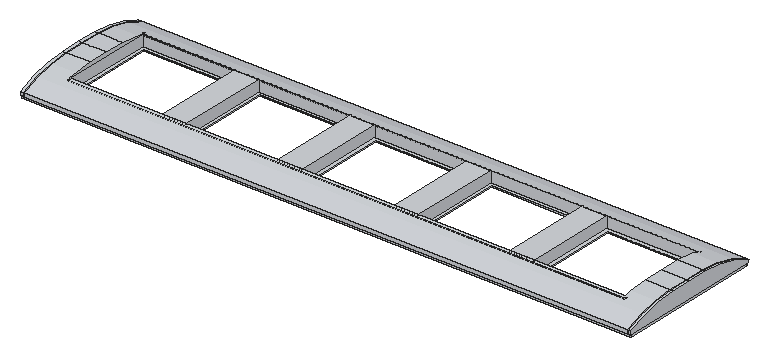
Revit family "Gira_0215327", category Electrical Fixtures, host Face, Revit 2017
Family settings
  Host = Face
  Maintain Annotation Orientation = No
  Round Connector Dimension = Use Diameter
  Part Type = Normal
  Cut with Voids When Loaded = No
  Shared = No
  Room Calculation Point = No
Parameters (values of type "Abdeckrahmen 5f Zwischenr. RW Gira Event Reinweiß m")
  Werkstoffgüte = "Thermoplast"
  Werkstoff = "Kunststoff"
  URL = "http://katalog.gira.de/de_DE/datenblatt.html?artikelnr=0215327"
  Transparent = "No"
  Textfeld/Beschriftungsfläche = "No"
  Schutzart (IP) = "IP20"
  Region = "DE"
  Oberfläche = "sonstige"
  Name = "Abdeckrahmen 5f Zwischenr. RW Gira Event Reinweiß m"
  Montagerichtung = "horizontal und vertikal"
  Mit Montagerahmen = "No"
  Mit Klappdeckel = "No"
  Manufacturer URL = "https://www.gira.de/"
  Keynote = "Event_Rahmen_5fach"
  HeinzeBIM = "https://bimportal.heinze.de/bim/abdeckrahmen-5f-zwischenr-rw-gira-event-reinweiss-m/41451455f394076b76ad6cd37938c35fa1f429b0"
  Halogenfrei = "Yes"
  HAN = "0215327"
  Geeignet für Unterputz-Installation = "Yes"
  Geeignet für Unterflurkanaldose = "No"
  Geeignet für Geräteeinbaukanal = "No"
  Geeignet für Einbauinstallation = "No"
  GTIN = "4010337074205"
  Farbe = "weiß"
  Default Elevation = 1219.2 mm
  Data sheet (1) = "https://katalog.gira.de/de_DE/download.html?artikelnr=0215327"
  Category = "Abdeckrahmen"
  Befestigungsart = "Klemmbefestigung"
  Available = "Yes"
  Ausführung der Oberfläche = "matt"
  Anzahl der Einheiten vertikal = "5 "
  Anzahl der Einheiten horizontal = "5 "
  Anzahl der Einheiten = "5 "
Reference planes
  plane 1 "Center (Front/Back)": y = 0
  plane 2: z = 0
  plane 3 "Center (Left/Right)": x = 0
Forms (mm)
  Extrusion 1, solid, detail levels fine
    sketch origin (0, 0, 0.05) x (0, 1, 0) y (0, 0, 1)
      loop
        arc (12.445, 9.683) -> (6.223, 9.833) -> (0, 9.85) r 291.636
        arc (0, 9.85) -> (-6.223, 9.833) -> (-12.445, 9.683) r 291.636
        arc (-12.445, 9.683) -> (-29.14, 7.482) -> (-45, 1.823) r 79.728
        line (-45, 1.823) -> (-45, -0.05) -> (-42.086, -0.05)
        arc (-42.086, -0.05) -> (-21.385, 5.559) -> (0, 7.206) r 114.424
        arc (0, 7.206) -> (21.385, 5.559) -> (42.086, -0.05) r 114.424
        line (42.086, -0.05) -> (45, -0.05) -> (45, 1.823)
        arc (45, 1.823) -> (29.14, 7.482) -> (12.445, 9.683) r 79.728
    from -185.578 to 185.593
  Extrusion 2, void, detail levels fine
    sketch origin (0, 0, 0) x (1, 0, 0) y (0, 1, 0)
      loop
        line (170.607, 28) -> (-170.593, 28) -> (-170.593, -28) -> (170.607, -28) -> (170.607, 28)
    from 0.724 to 11
  Extrusion 3, solid, detail levels coarse
    sketch origin (0, 0, 0) x (1, 0, 0) y (0, 1, 0)
      loop
        line (-187.578, 45) -> (-187.578, -45) -> (187.593, -45) -> (187.593, 45) -> (-187.578, 45)
    from -1.5 to 9.9
  Extrusion 4, solid, detail levels medium
    sketch origin (0, 0, 0.05) x (0, 1, 0) y (0, 0, 1)
      loop
        arc (12.445, 9.683) -> (6.223, 9.833) -> (0, 9.85) r 291.636
        arc (0, 9.85) -> (-6.223, 9.833) -> (-12.445, 9.683) r 291.636
        arc (-12.445, 9.683) -> (-29.14, 7.482) -> (-45, 1.823) r 79.728
        line (-45, 1.823) -> (-45, -0.05) -> (45, -0.05) -> (45, 1.823)
        arc (45, 1.823) -> (29.14, 7.482) -> (12.445, 9.683) r 79.728
    from -187.578 to 187.593
  Extrusion 5, solid, detail levels fine
    sketch origin (-142.578, 0, -1.5) x (0, 1, 0) y (0, 0, -1)
      loop
        line (45, -3.373) -> (45, -1.5) -> (-45, -1.5) -> (-45, -3.373)
        arc (-45, -3.373) -> (-29.14, -9.032) -> (-12.445, -11.233) r 79.728
        arc (-12.445, -11.233) -> (-6.223, -11.383) -> (0, -11.4) r 291.636
        arc (0, -11.4) -> (6.223, -11.383) -> (12.445, -11.233) r 291.636
        arc (12.445, -11.233) -> (29.14, -9.032) -> (45, -3.373) r 79.728
    from 43 to 45
  Extrusion 6, solid, detail levels fine
    sketch origin (0, 0, 0) x (1, 0, 0) y (0, 1, 0)
      loop
        line (-168.493, 25.7) -> (-168.493, -25.7) -> (-116.693, -25.7) -> (-116.693, 25.7) -> (-168.493, 25.7)
      loop
        line (-45.398, -25.7) -> (-45.398, 25.7) -> (-97.198, 25.7) -> (-97.198, -25.7) -> (-45.398, -25.7)
      loop
        line (-171.487, 28.49) -> (-171.487, -28.495)
        spline (-171.487, -28.495) -> (-171.479, -28.625) -> (-171.453, -28.754) -> (-171.411, -28.878) -> (-171.353, -28.995) -> (-171.281, -29.104) -> (-171.194, -29.202) -> (-171.096, -29.288) -> (-170.987, -29.361) -> (-170.87, -29.419) -> (-170.746, -29.461) -> (-170.618, -29.486) -> (-170.487, -29.495)
        line (-170.487, -29.495) -> (170.502, -29.495)
        spline (170.502, -29.495) -> (170.633, -29.486) -> (170.761, -29.461) -> (170.885, -29.419) -> (171.002, -29.361) -> (171.111, -29.288) -> (171.209, -29.202) -> (171.296, -29.104) -> (171.368, -28.995) -> (171.426, -28.878) -> (171.468, -28.754) -> (171.494, -28.625) -> (171.502, -28.495)
        line (171.502, -28.495) -> (171.502, 28.49)
        spline (171.502, 28.49) -> (171.494, 28.62) -> (171.468, 28.748) -> (171.426, 28.872) -> (171.368, 28.99) -> (171.296, 29.098) -> (171.209, 29.197) -> (171.111, 29.283) -> (171.002, 29.356) -> (170.885, 29.413) -> (170.761, 29.456) -> (170.633, 29.481) -> (170.502, 29.49)
        line (170.502, 29.49) -> (-170.487, 29.49)
        spline (-170.487, 29.49) -> (-170.618, 29.481) -> (-170.746, 29.456) -> (-170.87, 29.413) -> (-170.987, 29.356) -> (-171.096, 29.283) -> (-171.194, 29.197) -> (-171.281, 29.098) -> (-171.353, 28.99) -> (-171.411, 28.872) -> (-171.453, 28.748) -> (-171.479, 28.62) -> (-171.487, 28.49)
      loop
        line (25.902, -25.7) -> (25.902, 25.7) -> (-25.898, 25.7) -> (-25.898, -25.7) -> (25.902, -25.7)
      loop
        line (97.207, -25.7) -> (97.207, 25.7) -> (45.407, 25.7) -> (45.407, -25.7) -> (97.207, -25.7)
      loop
        line (168.507, -25.7) -> (168.507, 25.7) -> (116.707, 25.7) -> (116.707, -25.7) -> (168.507, -25.7)
    from 0.1 to 7.3
  Extrusion 7, solid
    sketch origin (0, 0, 0) x (1, 0, 0) y (0, 1, 0)
      loop
        arc (-187.293, -44.218) -> (-187.146, -44.572) -> (-186.793, -44.718) r 0.5
        line (-186.793, -44.718) -> (186.807, -44.718)
        arc (186.807, -44.718) -> (187.161, -44.572) -> (187.307, -44.218) r 0.5
        line (187.307, -44.218) -> (187.307, 44.182)
        arc (187.307, 44.182) -> (187.161, 44.535) -> (186.807, 44.682) r 0.5
        line (186.807, 44.682) -> (-186.793, 44.682)
        arc (-186.793, 44.682) -> (-187.146, 44.535) -> (-187.293, 44.182) r 0.5
        line (-187.293, 44.182) -> (-187.293, -44.218)
      loop
        line (-185.593, 42.982) -> (-185.593, -43.018) -> (185.607, -43.018) -> (185.607, 42.982) -> (-185.593, 42.982)
    from -1.5 to 0.5
  Extrusion 8, solid, detail levels fine
    sketch origin (142.593, 0, -1.5) x (0, 1, 0) y (0, 0, 1)
      loop
        arc (45, 3.373) -> (29.14, 9.032) -> (12.445, 11.233) r 79.728
        arc (12.445, 11.233) -> (6.223, 11.383) -> (0, 11.4) r 291.636
        arc (0, 11.4) -> (-6.223, 11.383) -> (-12.445, 11.233) r 291.636
        arc (-12.445, 11.233) -> (-29.14, 9.032) -> (-45, 3.373) r 79.728
        line (-45, 3.373) -> (-45, 1.5) -> (45, 1.5) -> (45, 3.373)
    from 43 to 45
  Extrusion 9, solid, detail levels medium
    sketch origin (0, 0, 0) x (1, 0, 0) y (0, 1, 0)
      loop
        line (-187.293, -44.718) -> (187.307, -44.718) -> (187.307, 44.682) -> (-187.293, 44.682) -> (-187.293, -44.718)
    from -1.5 to 0.5
  Extrusion 10, solid, detail levels fine
    sketch origin (-105.5, 0, 0) x (1, 0, 0) y (0, 1, 0)
      loop
        line (-8.943, 28.063) -> (-8.943, -27.937) -> (6.057, -27.937) -> (6.057, 28.063) -> (-8.943, 28.063)
    from 0.724 to 7.566
  Extrusion 11, solid, detail levels fine
    sketch origin (-37.085, 0, 0) x (-1, 0, 0) y (0, -1, 0)
      loop
        line (-8.943, -28.063) -> (6.057, -28.063) -> (6.057, 27.937) -> (-8.943, 27.937) -> (-8.943, -28.063)
    from 0.724 to 7.566
  Extrusion 12, solid, detail levels fine
    sketch origin (105.5, 0, 0) x (-1, 0, 0) y (0, -1, 0)
      loop
        line (-8.943, -28.063) -> (6.057, -28.063) -> (6.057, 27.937) -> (-8.943, 27.937) -> (-8.943, -28.063)
    from 0.724 to 7.566
  Extrusion 13, solid, detail levels fine
    sketch origin (37.085, 0, 0) x (1, 0, 0) y (0, 1, 0)
      loop
        line (-8.943, 28.063) -> (-8.943, -27.937) -> (6.057, -27.937) -> (6.057, 28.063) -> (-8.943, 28.063)
    from 0.724 to 7.566
Cuts and joins
  Extrusion 2 cuts Extrusion 1
  Extrusion 2 cuts Extrusion 6
Dimensions and locks
  aligned and locked: plane 2 to host face
  aligned and locked: level to host face
